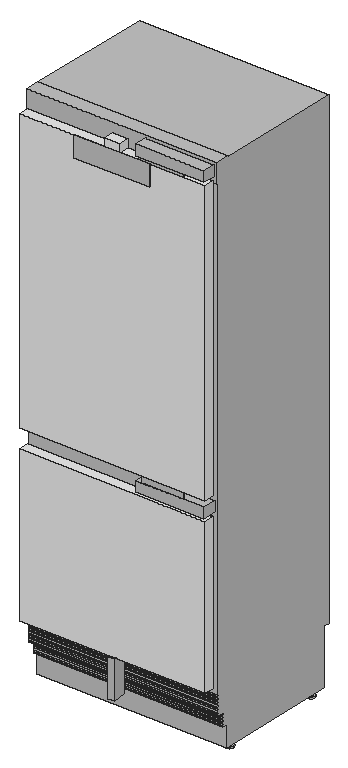
Revit family "FP-Revit18-RS7621WRUK1-FridgeFreezer-0-AS-AU-CN-EU-IE-NZ-SG-UK-90001120A", category Specialty Equipment, Revit 2020
Family settings
  Round Connector Dimension = Use Diameter
  Part Type = Normal
  OmniClass Number = 23.40.40.11.11
  OmniClass Title = Refrigerators and Freezers
  Work Plane-Based = No
  Always vertical = Yes
  Cut with Voids When Loaded = Yes
  Shared = No
  Room Calculation Point = No
Parameters (values of type "RS7621WRUE1")
  Visibility - Visibility Control Note = yes
  Visibility - Clearance Required = yes
  URL = "www.fisherpaykel.com"
  Stainless Steel Door Panels (RD7621WRD) = no
  Product - Width = 756 mm  # constant formula
  Product - Height = 2134 mm  # constant formula
  Product - Depth (exl front panel) = 610 mm  # constant formula
  Model = "RS7621WRUE1"
  Material - Handle = Fisher & Paykel - Aluminium, Dark
  Material - Door Structure = Fisher & Paykel - White
  Material - Door Front = Fisher & Paykel - Stainless Steel
  Material - Body = Fisher & Paykel - Grey
  Manufacturer = "Fisher & Paykel Appliances"
  Handle Style - Contemporary Square Fine Black (AHD5RD7621WB) = no
  Handle Style - Contemporary Square Fine (AHD5RD7621W) = no
  Handle Style - Contemporary Square (AHD3RD7621W) = no
  Handle Style - Contemporary Round (AHSRD7621W) = no
  Description = "76cm Integrated Column Freezer with internal Ice & Water"
  Default Elevation = 0 mm
  Connector Description - Water = "1/2 BSP Stainless steel braided hose"
  Connector Description - Electrical = "230 V, 10 amp fused electrical supply"
  Cavity - Width = 762 mm  # constant formula
  Cavity - Height = 2134 mm  # constant formula
  Cavity - Depth = 650 mm  # constant formula
Reference planes
  plane 1 "Datum": y = 0
  plane 2: z = 0
  plane 3 "Center (Left/Right)": x = 0
  plane 4 "Product LHS": x = -378
  plane 5 "Product RHS": x = 378
  plane 6 "Product - Depth": y = 610
  plane 7 "Cavity LHS": x = -381
  plane 8 "Cavity RHS": x = 381
  plane 9 "Cavity - Depth": y = 628
  plane 10 "Handle Offset": x = -315
  plane 11 "Product Height": z = 2134
  plane 12 "Cavity Height": z = 2134
  plane 13 "Door Panel Datum": y = -4.1
Forms (mm)
  Extrusion 1, solid, material "Fisher & Paykel - Grey" <- "Material - Body", detail levels fine
    sketch origin (0, 0, 0) x (0, 1, 0) y (0, 0, 1)
      loop
        line (100.1, 19.1) -> (587.9, 19.1) -> (587.9, 239.7) -> (610, 239.7) -> (610, 2132.3) -> (105.1, 2132.3) -> (105.1, 2134) -> (49.9, 2134) -> (49.9, 2059) -> (56, 2059) -> (56, 228.6) -> (59.5, 228.6) -> (59.5, 219.7) -> (56.5, 219.7) -> (56.5, 215.9) -> (59.5, 215.9) -> (59.5, 207) -> (56.5, 207) -> (56.5, 203.2) -> (59.5, 203.2) -> (59.5, 194.3) -> (56.5, 194.3) -> (56.5, 190.5) -> (59.5, 190.5) -> (59.5, 181.6) -> (56.5, 181.6) -> (56.5, 177.8) -> (59.5, 177.8) -> (59.5, 168.9) -> (56.5, 168.9) -> (56.5, 165.1) -> (59.5, 165.1) -> (59.5, 156.2) -> (56.5, 156.2) -> (56.5, 152.4) -> (84.1, 152.4) -> (84.1, 143.5) -> (81.1, 143.5) -> (81.1, 139.7) -> (84.1, 139.7) -> (84.1, 130.8) -> (81.1, 130.8) -> (81.1, 127) -> (84.1, 127) -> (84.1, 118.1) -> (81.1, 118.1) -> (81.1, 114.3) -> (84.1, 114.3) -> (84.1, 105.4) -> (81.1, 105.4) -> (81.1, 101.6) -> (100.1, 101.6) -> (100.1, 19.1)
    from -378 to 378
  Extrusion 2, solid, material "Fisher & Paykel - Grey" <- "Material - Body"
    sketch origin (0, 0, 0) x (1, 0, 0) y (0, 1, 0)
      loop
        circle (-357.5, 547.8) r 4.1
      loop
        circle (-357.5, 141.8) r 4.1
      loop
        circle (357.5, 547.8) r 4.1
      loop
        circle (357.5, 141.8) r 4.1
    from 3 to 19.1
  Extrusion 3, solid, material "Fisher & Paykel - Grey" <- "Material - Body"
    sketch origin (0, 0, 0) x (1, 0, 0) y (0, 1, 0)
      loop
        circle (-357.5, 547.8) r 14.5
      loop
        circle (-357.5, 141.8) r 14.555
      loop
        circle (357.5, 547.8) r 14.5
      loop
        circle (357.5, 141.8) r 14.555
    from 0 to 3
  Extrusion 4, solid, material "Fisher & Paykel - Grey" <- "Material - Body", detail levels fine
    sketch origin (0, 0, 0) x (1, 0, 0) y (0, 1, 0)
      loop
        line (-7.5, 49) -> (-13.797, -4.1) -> (13.797, -4.1) -> (7.5, 49) -> (-7.5, 49)
    from 104.2 to 253.8
  Extrusion 5, solid, material "Fisher & Paykel - Grey" <- "Material - Body", detail levels fine
    sketch origin (0, 0, 0) x (0, 1, 0) y (0, 0, 1)
      loop
        line (0, 2070.6) -> (0, 1988.6) -> (2, 1988.6) -> (2, 2068.6) -> (4, 2068.6) -> (4, 2070.6) -> (0, 2070.6)
    from -150 to 150
  Extrusion 6, solid, material "Fisher & Paykel - Grey" <- "Material - Body"
    sketch origin (0, 0, 0) x (1, 0, 0) y (0, 0, 1)
      loop
        circle (303, 119.813) r 5
      loop
        circle (-303, 119.813) r 5
    from -590 to -587.9
  Extrusion 7, solid, material "Fisher & Paykel - White" <- "Material - Door Structure"
    sketch origin (0, 0, 0) x (1, 0, 0) y (0, 1, 0)
      loop
        line (-353, 56) -> (-353, 42) -> (353, 42) -> (353, 56) -> (-353, 56)
    from 951.3 to 2030.7
  Extrusion 8, solid, material "Fisher & Paykel - White" <- "Material - Door Structure"
    sketch origin (0, 0, 0) x (1, 0, 0) y (0, 1, 0)
      loop
        line (-369.4, 42) -> (-369.4, 3) -> (369.4, 3) -> (369.4, 42) -> (-369.4, 42)
    from 943.8 to 2068.6
  Extrusion 9, solid, material "Fisher & Paykel - White" <- "Material - Door Structure", detail levels fine
    sketch origin (0, 0, 0) x (1, 0, 0) y (0, 0, 1)
      loop
        line (-29.5, 2100.1) -> (-29.5, 2068.6) -> (29.5, 2068.6) -> (29.5, 2100.1) -> (-29.5, 2100.1)
    from -42 to -3
  Extrusion 10, solid, material "Fisher & Paykel - Stainless Steel" <- "Material - Door Front", visible <- "Stainless Steel Door Panels (RD7621WRD)"
    sketch origin (0, 0, 0) x (0, 1, 0) y (0, 0, 1)
      loop
        line (-22.1, 2130.8) -> (-22.1, 876.3) -> (-4.1, 876.3) -> (-4.1, 2130.8) -> (-22.1, 2130.8)
      loop
        line (-22.1, 102) -> (-4.1, 102) -> (-4.1, 873.1) -> (-22.1, 873.1) -> (-22.1, 102)
    from -378 to 378
  Extrusion 11, solid, material "Fisher & Paykel - Grey" <- "Material - Body", detail levels coarse+medium
    sketch origin (0, 0, 0) x (0, 1, 0) y (0, 0, 1)
      loop
        line (49.9, 2134) -> (49.9, 2059) -> (56, 2059) -> (56, 152.4) -> (81.1, 152.4) -> (81.1, 101.6) -> (100.1, 101.6) -> (100.1, 19.1) -> (587.9, 19.1) -> (587.9, 239.7) -> (610, 239.7) -> (610, 2134) -> (49.9, 2134)
    from -378 to 378
  Extrusion 12, solid, material "Fisher & Paykel - Grey" <- "Material - Body", detail levels fine
    sketch origin (0, 0, -4) x (0, 1, 0) y (0, 0, 1)
      loop
        arc (163.888, 23.1) -> (180.4, 13.63) -> (196.912, 23.1) r 19.13
        line (196.912, 23.1) -> (163.888, 23.1)
      loop
        arc (493.888, 23.1) -> (510.4, 13.63) -> (526.912, 23.1) r 19.13
        line (526.912, 23.1) -> (493.888, 23.1)
    from 191 to 219
  Extrusion 13, solid, material "Fisher & Paykel - Grey" <- "Material - Body", detail levels fine
    sketch origin (0, 0, -4) x (0, 1, 0) y (0, 0, -1)
      loop
        line (163.888, -23.1) -> (196.912, -23.1)
        arc (196.912, -23.1) -> (180.4, -13.63) -> (163.888, -23.1) r 19.13
      loop
        line (493.888, -23.1) -> (526.912, -23.1)
        arc (526.912, -23.1) -> (510.4, -13.63) -> (493.888, -23.1) r 19.13
    from 191 to 219
  Extrusion 14, solid, material "Fisher & Paykel - Clearance Required", visible <- "Visibility - Clearance Required", detail levels coarse
    sketch origin (0, 0, 0) x (1, 0, 0) y (0, 1, 0)
      loop
        line (-381, 628) -> (-381, -4.1) -> (381, -4.1) -> (381, 628) -> (-381, 628)
    from 0 to 2134
  Extrusion 15, void
    sketch origin (0, 0, 0) x (1, 0, 0) y (0, 1, 0)
      loop
        line (-381, 628) -> (-381, -22.1) -> (381, -22.1) -> (381, 628) -> (-381, 628)
    from 0 to 2134
  Extrusion 16, solid, material "Fisher & Paykel - Grey" <- "Material - Body", detail levels fine
    sketch origin (0, 0, 0) x (1, 0, 0) y (0, 0, 1)
      loop
        line (118.4, 943.8) -> (118.4, 919.35) -> (282.9, 919.35) -> (282.9, 943.8) -> (118.4, 943.8)
      loop
        line (106, 2081.05) -> (106, 2068.6) -> (282.9, 2068.6) -> (282.9, 2076.05) -> (242.9, 2081.05) -> (106, 2081.05)
    from -7 to -4
  Extrusion 17, solid, material "Fisher & Paykel - White" <- "Material - Door Structure"
    sketch origin (0, 0, 0) x (1, 0, 0) y (0, 1, 0)
      loop
        line (-369.4, 42) -> (-369.4, 3) -> (369.4, 3) -> (369.4, 42) -> (-369.4, 42)
    from 253.8 to 868.15
  Extrusion 18, solid, material "Fisher & Paykel - White" <- "Material - Door Structure"
    sketch origin (0, 0, 0) x (1, 0, 0) y (0, 1, 0)
      loop
        line (-353, 56) -> (-353, 42) -> (353, 42) -> (353, 56) -> (-353, 56)
    from 269.2 to 858.13
  Extrusion 19, solid, material "Fisher & Paykel - Clearance Required", visible <- "Visibility - Clearance Required", detail levels coarse
    sketch origin (0, 0, 0) x (0, 1, 0) y (0, 0, 1)
      loop
        line (-422.1, 873.1) -> (-422.1, 818.896) -> (-482.1, 818.896) -> (-482.1, 781.896) -> (-422.1, 781.896) -> (-422.1, 101.6) -> (-22.1, 101.6) -> (-22.1, 873.1) -> (-422.1, 873.1)
    from -381 to 381
  Extrusion 20, solid, material "Fisher & Paykel - Clearance Required", visible <- "Visibility - Clearance Required", detail levels coarse
    sketch origin (0, -0.697, 0) x (1, 0, 0) y (0, 1, 0)
      loop
        line (-328.5, -21.303) -> (-377.998, -21.303)
        arc (-377.998, -21.303) -> (-22.041, -691.204) -> (734.607, -745.568) r 783.526
        line (734.607, -745.568) -> (712.602, -698.253) -> (738.875, -686.002)
        arc (738.875, -686.002) -> (747.815, -661.44) -> (723.253, -652.5) r 18.483
        line (723.253, -652.5) -> (697.006, -664.698) -> (415.929, -59.898)
        arc (415.929, -59.898) -> (380.987, -56.309) -> (378.07, -21.303) r 27.504
        line (378.07, -21.303) -> (-328.5, -21.303)
    from 876.3 to 2134
  Extrusion 21, solid, material "Fisher & Paykel - Grey" <- "Material - Body", detail levels fine
    sketch origin (0, 0, 0) x (1, 0, 0) y (0, 0, 1)
      loop
        line (366.4, 2123.15) -> (95.42, 2123.15) -> (95.42, 2081.05) -> (366.4, 2081.05) -> (366.4, 2123.15)
    from -49 to -2.5
  Extrusion 22, solid, material "Fisher & Paykel - Grey" <- "Material - Body", detail levels fine
    sketch origin (0, 0, 0) x (1, 0, 0) y (0, 0, 1)
      loop
        line (366.4, 877.25) -> (366.4, 919.35) -> (95.42, 919.35) -> (95.42, 877.25) -> (366.4, 877.25)
    from -56 to -2.5
Lines and regions (mm)
  model lines, style "Fisher & Paykel"
    curve 1: line (-378, -4.1, 2130.8) -> (378, -4.1, 2130.8)
    curve 2: line (-378, -4.1, 876.3) -> (-378, -4.1, 2130.8)
    curve 3: line (378, -4.1, 876.3) -> (-378, -4.1, 876.3)
    curve 4: line (378, -4.1, 2130.8) -> (378, -4.1, 876.3)
    curve 5: line (378, -4.1, 873.1) -> (-378, -4.1, 873.1)
    curve 6: line (378, -4.1, 102) -> (378, -4.1, 873.1)
    curve 7: line (-378, -4.1, 102) -> (378, -4.1, 102)
    curve 8: line (-378, -4.1, 873.1) -> (-378, -4.1, 102)
Text (mm)
  text "Due to ongoing product development, product details are subject to change without notice. \nPlease always refer to www.fisherpaykel.com for the most current product information. \n© Fisher & Paykel 2020" at (41.04, -878.295, 0), in view "Ref. Level (Plan)"
Dimensions and locks
  equal spacing: plane 4 "Product LHS", plane 3 "Center (Left/Right)", plane 5 "Product RHS"
  "Product - Width": plane 4 "Product LHS" to plane 5 "Product RHS"
  "Product - Depth (exl front panel)": plane 1 "Datum" to plane 6 "Product - Depth"
  equal spacing: plane 7 "Cavity LHS", plane 3 "Center (Left/Right)", plane 8 "Cavity RHS"
  "Cavity - Width": plane 7 "Cavity LHS" to plane 8 "Cavity RHS"
  plane 4 "Product LHS" to Extrusion 2 sketch curve = 24.6 mm
  plane 4 "Product LHS" to plane 10 "Handle Offset" = 63 mm
  Extrusion 6 sketch curve to Extrusion 1 = 119.887 mm  (x2)
  Extrusion 6 sketch curve to plane 5 "Product RHS" = 75 mm
  plane 4 "Product LHS" to Extrusion 6 sketch curve = 75 mm
  Extrusion 1 sketch curve to Extrusion 1 sketch curve = 82.5 mm
  Extrusion 1 sketch curve to Extrusion 1 sketch curve = 209.5 mm
  Extrusion 1 sketch curve to Extrusion 1 sketch curve = 220.6 mm
  Extrusion 3 to level = 3 mm
  Extrusion 11 to Extrusion 8 = 924.7 mm
  Extrusion 11 to Extrusion 7 = 932.2 mm
  Extrusion 11 to Extrusion 11 = 2114.9 mm
  Extrusion 11 to Extrusion 10 = 82.9 mm
  "Product - Height": level to plane 11 "Product Height"
  plane 11 "Product Height" to Extrusion 10 = 3.2 mm
  Extrusion 8 to plane 11 "Product Height" = 65.4 mm
  Extrusion 7 to plane 11 "Product Height" = 103.3 mm
  Extrusion 11 sketch curve to plane 11 "Product Height" = 75 mm
  Extrusion 1 sketch curve to plane 11 "Product Height" = 1.7 mm
  Extrusion 1 sketch curve to plane 11 "Product Height" = 75 mm
  "Cavity - Height": plane 12 "Cavity Height" to level
  plane 1 "Datum" to Extrusion 14 = 628 mm
  plane 1 "Datum" to Extrusion 15 = 628 mm
  Extrusion 16 sketch curve to Extrusion 16 sketch curve = 40 mm
  Extrusion 16 sketch curve to plane 3 "Center (Left/Right)" = 106 mm
  Extrusion 16 sketch curve to Extrusion 16 sketch curve = 176.9 mm
  Extrusion 16 sketch curve to plane 3 "Center (Left/Right)" = 118.4 mm
  plane 3 "Center (Left/Right)" to Extrusion 16 sketch curve = 282.9 mm
  Extrusion 15 to level = 2134 mm
  "Cavity - Depth": Extrusion 15 to Extrusion 20
  Extrusion 20 to plane 1 "Datum" = 22 mm
  radius of Extrusion 6 sketch curve = 5 mm
  aligned and locked: level to plane 2
  aligned and locked: Extrusion 10 to plane 5 "Product RHS"
  aligned and locked: plane 4 "Product LHS" to Extrusion 10
  aligned and locked: Extrusion 11 to plane 5 "Product RHS"
  aligned and locked: Extrusion 11 to plane 4 "Product LHS"
  aligned and locked: Extrusion 11 sketch curve to plane 11 "Product Height"
  aligned and locked: plane 11 "Product Height" to Extrusion 1 sketch curve
  aligned and locked: Extrusion 12 sketch curve to Extrusion 12 sketch curve
  aligned and locked: Extrusion 13 sketch curve to Extrusion 13 sketch curve
  aligned and locked: Extrusion 1 to plane 5 "Product RHS"
  aligned and locked: plane 4 "Product LHS" to Extrusion 1
  aligned and locked: nested 2 to plane 10 "Handle Offset"
  aligned and locked: nested 3 to plane 10 "Handle Offset"
  aligned and locked: nested 4 to plane 10 "Handle Offset"
  aligned and locked: nested 5 to plane 10 "Handle Offset"
Automatic sketch dimensions
  Extrusion 1 sketch curve to plane 6 "Product - Depth" = 0 mm
  Extrusion 1 sketch curve to Extrusion 1 sketch curve = 22.1 mm
  Extrusion 1 sketch curve to plane 1 "Datum" = 105.1 mm
  level to Extrusion 1 sketch curve = 19.1 mm
  Extrusion 1 sketch curve to plane 1 "Datum" = 100.1 mm
  Extrusion 1 sketch curve to Extrusion 1 sketch curve = 16 mm
  Extrusion 1 sketch curve to Extrusion 1 sketch curve = 0 mm  (x8)
  Extrusion 1 sketch curve to Extrusion 1 sketch curve = 3 mm  (x10)
  Extrusion 1 sketch curve to plane 1 "Datum" = 59.5 mm
  Extrusion 1 sketch curve to plane 1 "Datum" = 56 mm
  Extrusion 1 sketch curve to plane 1 "Datum" = 49.9 mm
  Extrusion 1 sketch curve to Extrusion 1 sketch curve = 3.8 mm  (x10)
  Extrusion 1 sketch curve to Extrusion 1 sketch curve = 8.9 mm  (x9)
  Extrusion 2 sketch curve to plane 4 "Product LHS" = 20.5 mm  (x2)
  plane 5 "Product RHS" to Extrusion 2 sketch curve = 20.5 mm  (x2)
  Extrusion 2 sketch curve to plane 1 "Datum" = 141.8 mm  (x2)
  Extrusion 2 sketch curve to plane 6 "Product - Depth" = 62.2 mm  (x2)
  Extrusion 3 sketch curve to plane 4 "Product LHS" = 20.5 mm  (x2)
  plane 5 "Product RHS" to Extrusion 3 sketch curve = 20.5 mm  (x2)
  Extrusion 3 sketch curve to plane 1 "Datum" = 141.8 mm  (x2)
  Extrusion 3 sketch curve to plane 6 "Product - Depth" = 62.2 mm  (x2)
  plane 1 "Datum" to Extrusion 4 sketch curve = 4.1 mm
  Extrusion 4 sketch curve to plane 3 "Center (Left/Right)" = 13.797 mm
  Extrusion 4 sketch curve to plane 3 "Center (Left/Right)" = 7.5 mm
  plane 3 "Center (Left/Right)" to Extrusion 4 sketch curve = 7.5 mm
  plane 3 "Center (Left/Right)" to Extrusion 4 sketch curve = 13.797 mm
  Extrusion 4 sketch curve to plane 1 "Datum" = 49 mm
  Extrusion 5 sketch curve to plane 1 "Datum" = 0 mm
  Extrusion 5 sketch curve to plane 1 "Datum" = 2 mm
  Extrusion 5 sketch curve to Extrusion 5 sketch curve = 2 mm  (x2)
  plane 11 "Product Height" to Extrusion 5 sketch curve = 145.4 mm
  plane 11 "Product Height" to Extrusion 5 sketch curve = 65.4 mm
  Extrusion 7 sketch curve to plane 4 "Product LHS" = 25 mm
  plane 5 "Product RHS" to Extrusion 7 sketch curve = 25 mm
  Extrusion 7 sketch curve to plane 1 "Datum" = 42 mm
  Extrusion 7 sketch curve to Extrusion 7 sketch curve = 14 mm
  Extrusion 8 sketch curve to plane 1 "Datum" = 3 mm
  Extrusion 8 sketch curve to plane 4 "Product LHS" = 8.6 mm
  plane 5 "Product RHS" to Extrusion 8 sketch curve = 8.6 mm
  Extrusion 8 sketch curve to Extrusion 8 sketch curve = 39 mm
  Extrusion 9 sketch curve to plane 3 "Center (Left/Right)" = 29.5 mm
  plane 3 "Center (Left/Right)" to Extrusion 9 sketch curve = 29.5 mm
  plane 11 "Product Height" to Extrusion 9 sketch curve = 65.4 mm
  Extrusion 9 sketch curve to Extrusion 9 sketch curve = 31.5 mm
  Extrusion 11 sketch curve to plane 6 "Product - Depth" = 0 mm
  Extrusion 11 sketch curve to plane 6 "Product - Depth" = 22.1 mm
  Extrusion 11 sketch curve to plane 1 "Datum" = 100.1 mm
  Extrusion 11 sketch curve to Extrusion 11 sketch curve = 19 mm
  Extrusion 11 sketch curve to plane 1 "Datum" = 56 mm
  Extrusion 11 sketch curve to plane 1 "Datum" = 49.9 mm
  level to Extrusion 11 sketch curve = 239.7 mm
  level to Extrusion 11 sketch curve = 152.4 mm
  Extrusion 11 sketch curve to Extrusion 11 sketch curve = 50.8 mm
  level to Extrusion 11 sketch curve = 19.1 mm
  level to Extrusion 12 sketch curve = 19.1 mm
  Extrusion 12 sketch curve to plane 1 "Datum" = 163.888 mm
  Extrusion 12 sketch curve to Extrusion 12 sketch curve = 16.512 mm  (x2)
  Extrusion 12 sketch curve to plane 6 "Product - Depth" = 116.112 mm
  Extrusion 12 sketch curve to Extrusion 12 sketch curve = 9.66 mm  (x2)
  level to Extrusion 13 sketch curve = 19.1 mm
  Extrusion 13 sketch curve to plane 1 "Datum" = 163.888 mm
  Extrusion 13 sketch curve to Extrusion 13 sketch curve = 16.512 mm  (x2)
  Extrusion 13 sketch curve to plane 6 "Product - Depth" = 116.112 mm
  Extrusion 13 sketch curve to Extrusion 13 sketch curve = 9.66 mm  (x2)
  Extrusion 14 sketch curve to plane 7 "Cavity LHS" = 0 mm
  Extrusion 14 sketch curve to plane 8 "Cavity RHS" = 0 mm
  Extrusion 14 sketch curve to plane 9 "Cavity - Depth" = 0 mm
  plane 1 "Datum" to Extrusion 14 sketch curve = 4.1 mm
  Extrusion 15 sketch curve to plane 7 "Cavity LHS" = 0 mm
  Extrusion 15 sketch curve to plane 8 "Cavity RHS" = 0 mm
  plane 9 "Cavity - Depth" to Extrusion 15 sketch curve = 0 mm
  plane 1 "Datum" to Extrusion 15 sketch curve = 22.1 mm
  level to Extrusion 16 sketch curve = 919.35 mm
  Extrusion 16 sketch curve to Extrusion 16 sketch curve = 24.45 mm
  plane 11 "Product Height" to Extrusion 16 sketch curve = 65.4 mm
  Extrusion 16 sketch curve to Extrusion 16 sketch curve = 7.45 mm
  Extrusion 16 sketch curve to Extrusion 16 sketch curve = 5 mm
  Extrusion 17 sketch curve to plane 1 "Datum" = 3 mm
  Extrusion 17 sketch curve to plane 4 "Product LHS" = 8.6 mm
  plane 5 "Product RHS" to Extrusion 17 sketch curve = 8.6 mm
  Extrusion 17 sketch curve to Extrusion 17 sketch curve = 39 mm
  Extrusion 18 sketch curve to plane 4 "Product LHS" = 25 mm
  plane 5 "Product RHS" to Extrusion 18 sketch curve = 25 mm
  Extrusion 18 sketch curve to plane 1 "Datum" = 42 mm
  Extrusion 18 sketch curve to Extrusion 18 sketch curve = 14 mm
  plane 1 "Datum" to Extrusion 19 sketch curve = 482.1 mm
  Extrusion 19 sketch curve to Extrusion 19 sketch curve = 60 mm
  Extrusion 19 sketch curve to Extrusion 19 sketch curve = 0 mm
  plane 1 "Datum" to Extrusion 19 sketch curve = 22.1 mm
  level to Extrusion 19 sketch curve = 101.6 mm
  Extrusion 19 sketch curve to Extrusion 19 sketch curve = 680.296 mm
  Extrusion 19 sketch curve to Extrusion 19 sketch curve = 37 mm
  Extrusion 19 sketch curve to Extrusion 19 sketch curve = 54.204 mm
  Extrusion 20 sketch curve to plane 4 "Product LHS" = 0.002 mm
  plane 10 "Handle Offset" to Extrusion 20 sketch curve = 13.5 mm
  Extrusion 20 sketch curve to plane 5 "Product RHS" = 0.07 mm
  Extrusion 20 sketch curve to plane 8 "Cavity RHS" = 19.621 mm
  Extrusion 20 sketch curve to Extrusion 20 sketch curve = 4.795 mm
  Extrusion 20 sketch curve to Extrusion 20 sketch curve = 10.514 mm
  Extrusion 20 sketch curve to plane 8 "Cavity RHS" = 316.006 mm
  Extrusion 20 sketch curve to Extrusion 20 sketch curve = 15.596 mm
  Extrusion 20 sketch curve to Extrusion 20 sketch curve = 26.247 mm
  Extrusion 20 sketch curve to Extrusion 20 sketch curve = 7.811 mm  (x2)
  Extrusion 20 sketch curve to Extrusion 20 sketch curve = 22.005 mm
  plane 1 "Datum" to Extrusion 20 sketch curve = 746.265 mm
  Extrusion 20 sketch curve to Extrusion 20 sketch curve = 47.315 mm
  Extrusion 20 sketch curve to Extrusion 20 sketch curve = 12.251 mm
  Extrusion 20 sketch curve to Extrusion 20 sketch curve = 16.751 mm
  Extrusion 20 sketch curve to Extrusion 20 sketch curve = 12.198 mm
  Extrusion 20 sketch curve to Extrusion 20 sketch curve = 22.85 mm
  plane 11 "Product Height" to Extrusion 21 sketch curve = 10.85 mm
  plane 3 "Center (Left/Right)" to Extrusion 21 sketch curve = 95.42 mm
  plane 5 "Product RHS" to Extrusion 21 sketch curve = 11.6 mm
  Extrusion 21 sketch curve to Extrusion 21 sketch curve = 42.1 mm
  plane 3 "Center (Left/Right)" to Extrusion 22 sketch curve = 95.42 mm
  plane 5 "Product RHS" to Extrusion 22 sketch curve = 11.6 mm
  level to Extrusion 22 sketch curve = 877.25 mm
  Extrusion 22 sketch curve to Extrusion 22 sketch curve = 42.1 mm
  plane 11 "Product Height" to Extrusion 10 sketch curve = 3.2 mm
  plane 1 "Datum" to Extrusion 10 sketch curve = 22.1 mm
  plane 1 "Datum" to Extrusion 10 sketch curve = 4.1 mm  (x2)
  level to Extrusion 10 sketch curve = 102 mm
  Extrusion 10 sketch curve to Extrusion 10 sketch curve = 774.3 mm
  Extrusion 10 sketch curve to Extrusion 10 sketch curve = 3.2 mm
  Extrusion 10 sketch curve to Extrusion 10 sketch curve = 18 mm
  plane 5 "Product RHS" to curve 5 = 0 mm
  plane 5 "Product RHS" to curve 1 = 0 mm
  plane 4 "Product LHS" to curve 5 = 0 mm
  plane 4 "Product LHS" to curve 2 = 0 mm
  level to curve 6 = 102 mm
  curve 6 to curve 6 = 771.1 mm
  curve 5 to curve 2 = 3.2 mm
  plane 11 "Product Height" to curve 2 = 3.2 mm
  radius of Extrusion 2 sketch curve = 4.1 mm  (x3)
  radius of Extrusion 3 sketch curve = 14.5 mm  (x2)
  radius of Extrusion 3 sketch curve = 14.555 mm  (x2)
  radius of Extrusion 6 sketch curve = 5 mm
Nested families
  nested 1: "Visibility Control Note 18" at (0, 0, 0), visible <- "Visibility - Visibility Control Note", type "Visibility Control Note 18"
  nested 2: "Handle Contemporary Round - Vertical" at (-315, -22.1, 1322.58), visible <- "Handle Style - Contemporary Round (AHSRD7621W)", type "AHSRD7621W - Contemporary round handle (1 of 2) (Vertical) 727mm"
  nested 3: "Handle Contemporary Square - Vertical" at (-315, -22.1, 1322.58), visible <- "Handle Style - Contemporary Square (AHD3RD7621W)", type "AHD3RD7621W - Contemporary square handle (1 of 2) (Vertical) 727mm"
  nested 4: "F&P Handle Kit - Contemporary Square Fine - Vertical" at (-315, -22.1, 1322.58), visible <- "Handle Style - Contemporary Square Fine Black (AHD5RD7621WB)", type "AHD5RD7621WB - Contemporary square fine black handle (1 of 2) (Vertical) 727mm"
  nested 5: "F&P Handle Kit - Contemporary Square Fine - Vertical" at (-315, -22.1, 1322.58), visible <- "Handle Style - Contemporary Square Fine (AHD5RD7621W)", type "AHD5RD7621W - Contemporary square fine handle (1 of 2) (Vertical) 727mm"
  nested 6: "Handle Contemporary Round - Horizontal" at (0, -22.1, 800.364), visible <- "Handle Style - Contemporary Round (AHSRD7621W)", type "AHSRD7621W - Contemporary round handle (2 of 2) (Horizontal) 646mm"
  nested 7: "Handle Contemporary Square - Horizontal" at (0, -22.1, 800.364), visible <- "Handle Style - Contemporary Square (AHD3RD7621W)", type "AHD3RD7621W - Contemporary square handle (2 of 2) (Horizontal) 646mm"
  nested 8: "F&P Handle Kit - Contemporary Square Fine - Horizontal" at (0, -22.1, 800.364), visible <- "Handle Style - Contemporary Square Fine Black (AHD5RD7621WB)", type "AHD5RD7621WB - Contemporary square fine handle black (2 of 2) (Horizontal) 646mm"
  nested 9: "F&P Handle Kit - Contemporary Square Fine - Horizontal" at (0, -22.1, 800.364), visible <- "Handle Style - Contemporary Square Fine (AHD5RD7621W)", type "AHD5RD7621W - Contemporary square fine handle (2 of 2) (Horizontal) 646mm"
Connectors
  electrical at (-303, 590, 119.813), driven by "Connector Description - Electrical"
    settings: on Extrusion 6, index 1, voltage 230 V, apparent load 0 VA, apparent load phase1 0 VA, apparent load phase2 0 VA, apparent load phase3 0 VA, power factor 1, load classification "Other", number of poles 1, system type 30, power factor state 1, is connector primary yes, connector utility no, sub classification motor no, connector description "230 V, 10 amp fused electrical supply"
  piping at (303, 590, 119.813), diameter 12.7, driven by "Connector Description - Water"
    settings: on Extrusion 6, index 2, connector inside diameter 609.6 mm, connector length 0 mm, flow factor 0, pipe flow 0.0 L/s, pressure drop 0.0 Pa, fitting loss kfactor 0, connector angle 0.00°, fixture units 0, engagement length 0 mm, angle of deflection 0.00°, flow configuration 0, flow direction 1, fitting loss method 0, system type 20, joint type 0, gender type 0, connector reference index -1, connector utility 1, adjustable connector no, is connector primary yes, connector description "1/2 BSP Stainless steel braided hose"
Definition of nested family "Handle Contemporary Round - Vertical"
  Parameters (values of type "AHSRD7621W - Contemporary round handle (1 of 2) (Vertical) 727mm")
    URL = "www.fisherpaykel.com"
    Material - Handle = none
    Manufacturer = "Fisher & Paykel Appliances"
    Handle - Length = 727 mm
    Default Elevation = 0 mm
  Types (8, lengths in mm): name | Handle - Length
    AHS-RD21 - Contemporary round handle (Vertical) 852mm | 852
    AHSRD2484W - Contemporary round handle (1 of 2) (Vertical) 727mm | 727
    AHSRD3084W - Contemporary round handle (1 of 2) (Vertical) 727mm | 727
    AHS-RD84 - Contemporary round handle (Vertical) 852mm | 852
    AHSRS3272A - Contemporary round handle (1 of 2) (Vertical) 727mm | 727
    AHSRS80A - Contemporary round handle (1 of 2) (Vertical) 727mm | 727
    AHSRD6121W - Contemporary round handle (1 of 2) (Vertical) 727mm | 727
    AHSRD7621W - Contemporary round handle (1 of 2) (Vertical) 727mm | 727
  Reference planes
    plane 1 "Center (Front/Back)": y = 0
    plane 2: z = 0
    plane 3 "Center (Left/Right)": x = 0
    plane 4 "Top": z = 363.5
    plane 5 "Bottom": z = -363.5
    plane 6 "Top Standoff": z = 243.5
    plane 7 "Bottom Standoff": z = -243.5
  Forms (mm)
    Extrusion 1, solid, material <- "Material - Handle"
      sketch origin (0, 0, 0) x (1, 0, 0) y (0, 1, 0)
        loop
          circle (0, -32.3) r 8.7
      from -243.5 to 243.5
    Extrusion 2, solid, material <- "Material - Handle", detail levels fine
      sketch origin (0, 0, 0) x (1, 0, 0) y (0, 1, 0)
        loop
          line (-8.7, 0) -> (-8.7, -32.3)
          arc (-8.7, -32.3) -> (0, -41) -> (8.7, -32.3) r 8.7
          line (8.7, -32.3) -> (8.7, 0) -> (-8.7, 0)
      from 243.5 to 363.5
    Extrusion 3, solid, material <- "Material - Handle", detail levels fine
      sketch origin (0, 0, 0) x (1, 0, 0) y (0, 1, 0)
        loop
          line (-8.7, 0) -> (-8.7, -32.3)
          arc (-8.7, -32.3) -> (0, -41) -> (8.7, -32.3) r 8.7
          line (8.7, -32.3) -> (8.7, 0) -> (-8.7, 0)
      from -363.5 to -243.5
    Sweep 4, void
      path in 3D
        loop
          line (8.7, 0, -363.5) -> (8.7, -32.3, -363.5)
          arc (8.7, -32.3, -363.5) -> (0, -41, -363.5) -> (-8.7, -32.3, -363.5) r 8.7
          line (-8.7, -32.3, -363.5) -> (-8.7, 0, -363.5)
      profile origin (8.7, -16.15, -363.5) x (-1, 0, 0) y (0, 0, -1)
        loop
          line (0, 0) -> (0, -1) -> (1, 0) -> (0, 0)
    Sweep 5, void
      path in 3D
        loop
          line (-8.7, 0, 363.5) -> (-8.7, -32.3, 363.5)
          arc (-8.7, -32.3, 363.5) -> (0, -41, 363.5) -> (8.7, -32.3, 363.5) r 8.7
          line (8.7, -32.3, 363.5) -> (8.7, 0, 363.5)
      profile origin (8.7, -16.15, 363.5) x (-1, 0, 0) y (0, 0, 1)
        loop
          line (0, 0) -> (0, -1) -> (1, 0) -> (0, 0)
    Extrusion 6, solid, material <- "Material - Handle", detail levels coarse+medium
      sketch origin (0, 0, 0) x (1, 0, 0) y (0, 1, 0)
        loop
          line (-8.7, 0) -> (-8.7, -32.3)
          arc (-8.7, -32.3) -> (0, -41) -> (8.7, -32.3) r 8.7
          line (8.7, -32.3) -> (8.7, 0) -> (-8.7, 0)
      from 243.5 to 363.5
    Extrusion 7, solid, material <- "Material - Handle", detail levels coarse+medium
      sketch origin (0, 0, 0) x (1, 0, 0) y (0, 1, 0)
        loop
          line (-8.7, 0) -> (-8.7, -32.3)
          arc (-8.7, -32.3) -> (0, -41) -> (8.7, -32.3) r 8.7
          line (8.7, -32.3) -> (8.7, 0) -> (-8.7, 0)
      from -363.5 to -243.5
  Cuts and joins
    Sweep 4 cuts Extrusion 3
    Sweep 5 cuts Extrusion 2
  Lines and regions (mm)
    sketch lines
      curve 1: line (8.7, 0, -363.5) -> (8.7, -32.3, -363.5)
      curve 2: arc (-8.7, -32.3, -363.5) -> (0, -41, -363.5) -> (8.7, -32.3, -363.5) r 8.7
      curve 3: line (-8.7, -32.3, -363.5) -> (-8.7, 0, -363.5)
      curve 4: line (8.7, -32.3, 363.5) -> (8.7, 0, 363.5)
      curve 5: arc (8.7, -32.3, 363.5) -> (0, -41, 363.5) -> (-8.7, -32.3, 363.5) r 8.7
      curve 6: line (-8.7, 0, 363.5) -> (-8.7, -32.3, 363.5)
  Dimensions and locks
    equal spacing: plane 4 "Top", level, plane 5 "Bottom"
    "Handle - Length": plane 4 "Top" to plane 5 "Bottom"
    locked: plane 4 "Top" to plane 6 "Top Standoff" at 120
    locked: plane 7 "Bottom Standoff" to plane 5 "Bottom" at 120
    Extrusion 2 sketch curve to Extrusion 2 sketch curve = 17.4 mm
    Extrusion 3 sketch curve to Extrusion 3 sketch curve = 17.4 mm
    Extrusion 6 sketch curve to Extrusion 6 sketch curve = 17.4 mm
    Extrusion 7 sketch curve to Extrusion 7 sketch curve = 17.4 mm
    aligned and locked: level to plane 2
    aligned and locked: plane 4 "Top" to Extrusion 2
    aligned and locked: Extrusion 3 to plane 5 "Bottom"
    aligned and locked: plane 7 "Bottom Standoff" to Extrusion 3
    aligned and locked: Extrusion 1 to plane 7 "Bottom Standoff"
    aligned and locked: plane 6 "Top Standoff" to Extrusion 1
    aligned and locked: Extrusion 2 to Extrusion 1
    aligned and locked: Extrusion 6 to Extrusion 1
    aligned and locked: plane 4 "Top" to Extrusion 6
    aligned and locked: Extrusion 7 to Extrusion 1
    aligned and locked: Extrusion 7 to plane 5 "Bottom"
  Automatic sketch dimensions
    Extrusion 1 sketch curve to plane 3 "Center (Left/Right)" = 0 mm
    plane 1 "Center (Front/Back)" to Extrusion 1 sketch curve = 32.3 mm
    plane 1 "Center (Front/Back)" to Extrusion 2 sketch curve = 0 mm
    Extrusion 2 sketch curve to plane 3 "Center (Left/Right)" = 0 mm
    Extrusion 2 sketch curve to plane 3 "Center (Left/Right)" = 8.7 mm
    plane 1 "Center (Front/Back)" to Extrusion 2 sketch curve = 32.3 mm
    plane 1 "Center (Front/Back)" to Extrusion 3 sketch curve = 0 mm
    Extrusion 3 sketch curve to plane 3 "Center (Left/Right)" = 0 mm
    Extrusion 3 sketch curve to plane 3 "Center (Left/Right)" = 8.7 mm
    plane 1 "Center (Front/Back)" to Extrusion 3 sketch curve = 32.3 mm
    Sweep 4 sketch curve to profile plane = 0 mm  (x2)
    Sweep 4 sketch curve to profile plane = 1 mm  (x2)
    Sweep 5 sketch curve to profile plane = 0 mm  (x2)
    Sweep 5 sketch curve to profile plane = 1 mm  (x2)
    Extrusion 6 sketch curve to plane 3 "Center (Left/Right)" = 0 mm
    Extrusion 6 sketch curve to plane 3 "Center (Left/Right)" = 8.7 mm
    plane 1 "Center (Front/Back)" to Extrusion 6 sketch curve = 32.3 mm
    Extrusion 6 sketch curve to Extrusion 6 sketch curve = 32.3 mm
    Extrusion 7 sketch curve to plane 3 "Center (Left/Right)" = 0 mm
    Extrusion 7 sketch curve to plane 3 "Center (Left/Right)" = 8.7 mm
    plane 1 "Center (Front/Back)" to Extrusion 7 sketch curve = 32.3 mm
    Extrusion 7 sketch curve to Extrusion 7 sketch curve = 32.3 mm
    radius of Extrusion 1 sketch curve = 8.7 mm
Definition of nested family "Handle Contemporary Square - Vertical"
  Parameters (values of type "AHD3RD6121W - Contemporary square handle (1 of 2) (Vertical) 727mm")
    URL = "www.fisherpaykel.com"
    Material - Handle = none
    Manufacturer = "Fisher & Paykel Appliances"
    Handle - Length = 727 mm
    Default Elevation = 0 mm
  Types (9, lengths in mm): name | Handle - Length
    (no name) | 727
    AHD3-RD21 - Contemporary square handle (Vertical) 852mm | 852
    AHD3RD2484W - Contemporary square handle (1 of 2) (Vertical) 727mm | 727
    AHD3RD3084W - Contemporary square handle (1 of 2) (Vertical) 727mm | 727
    AHD3-RD84 - Contemporary square handle (Vertical) 852mm | 852
    AHD3RS3272A - Contemporary square handle (1 of 2) (Vertical) 727mm | 727
    AHD3RS80A - Contemporary square handle (1 of 2) (Vertical) 727mm | 727
    AHD3RD6121W - Contemporary square handle (1 of 2) (Vertical) 727mm | 727
    AHD3RD7621W - Contemporary square handle (1 of 2) (Vertical) 727mm | 727
  Reference planes
    plane 1 "Center (Front/Back)": y = 0
    plane 2: z = 0
    plane 3 "Center (Left/Right)": x = 0
    plane 4 "Top": z = 363.5
    plane 5 "Bottom": z = -363.5
    plane 6 "Top Standoff": z = 243.5
    plane 7 "Bottom Standoff": z = -243.5
  Forms (mm)
    Extrusion 1, solid, material <- "Material - Handle", detail levels fine
      sketch origin (0, 0, 0) x (1, 0, 0) y (0, 1, 0)
        loop
          arc (-7.583, -28.701) -> (-7.89, -29.057) -> (-8, -29.514) r 1
          line (-8, -29.514) -> (-8, -40.5)
          arc (-8, -40.5) -> (-7.561, -41.561) -> (-6.5, -42) r 1.5
          line (-6.5, -42) -> (6.5, -42)
          arc (6.5, -42) -> (7.561, -41.561) -> (8, -40.5) r 1.5
          line (8, -40.5) -> (8, -29.487)
          arc (8, -29.487) -> (7.889, -29.029) -> (7.58, -28.673) r 1
          arc (7.58, -28.673) -> (-0.006, -26.256) -> (-7.583, -28.701) r 13.038
      from -363.5 to 363.5
    Extrusion 2, solid, material <- "Material - Handle", detail levels fine
      sketch origin (0, 0, 0) x (1, 0, 0) y (0, 1, 0)
        loop
          arc (7.058, -28.23) -> (7.466, -28.244) -> (7.674, -27.893) r 0.4
          line (7.674, -27.893) -> (7.674, 0) -> (-7.674, 0) -> (-7.674, -27.86)
          arc (-7.674, -27.86) -> (-7.467, -28.21) -> (-7.06, -28.198) r 0.4
          arc (-7.06, -28.198) -> (0.004, -26.156) -> (7.058, -28.23) r 13.136
      from 243.5 to 363.5
    Extrusion 3, solid, material <- "Material - Handle", detail levels fine
      sketch origin (0, 0, 0) x (1, 0, 0) y (0, 1, 0)
        loop
          arc (7.058, -28.23) -> (7.466, -28.244) -> (7.674, -27.893) r 0.4
          line (7.674, -27.893) -> (7.674, 0) -> (-7.674, 0) -> (-7.674, -27.86)
          arc (-7.674, -27.86) -> (-7.467, -28.21) -> (-7.06, -28.198) r 0.4
          arc (-7.06, -28.198) -> (0.004, -26.156) -> (7.058, -28.23) r 13.136
      from -363.5 to -243.5
    Sweep 4, void
      path in 3D
        loop
          line (-8, -29.514, 363.5) -> (-8, -40.5, 363.5)
          arc (-8, -40.5, 363.5) -> (-7.561, -41.561, 363.5) -> (-6.5, -42, 363.5) r 1.5
          line (-6.5, -42, 363.5) -> (6.5, -42, 363.5)
          arc (6.5, -42, 363.5) -> (7.561, -41.561, 363.5) -> (8, -40.5, 363.5) r 1.5
          line (8, -40.5, 363.5) -> (8, -29.487, 363.5)
      profile origin (8, -34.994, 363.5) x (-1, 0, 0) y (0, 0, 1)
        loop
          line (0, 0) -> (0, -1.3) -> (1.3, 0) -> (0, 0)
    Sweep 5, void
      path in 3D
        loop
          line (8, -29.487, -363.5) -> (8, -40.5, -363.5)
          arc (8, -40.5, -363.5) -> (7.561, -41.561, -363.5) -> (6.5, -42, -363.5) r 1.5
          line (6.5, -42, -363.5) -> (-6.5, -42, -363.5)
          arc (-6.5, -42, -363.5) -> (-7.561, -41.561, -363.5) -> (-8, -40.5, -363.5) r 1.5
          line (-8, -40.5, -363.5) -> (-8, -29.514, -363.5)
      profile origin (8, -34.994, -363.5) x (-1, 0, 0) y (0, 0, -1)
        loop
          line (0, 0) -> (0, -1.3) -> (1.3, 0) -> (0, 0)
    Extrusion 6, void
      sketch origin (0, 0, 0) x (1, 0, 0) y (0, 0, 1)
        loop
          line (-8, -362.2) -> (-8, -363.5) -> (-6.7, -363.5) -> (-8, -362.2)
        loop
          line (8, -362.2) -> (6.7, -363.5) -> (8, -363.5) -> (8, -362.2)
      from 0 to 40
    Extrusion 7, void
      sketch origin (0, 0, 0) x (1, 0, 0) y (0, 0, 1)
        loop
          line (-8, 363.5) -> (-8, 362.2) -> (-6.7, 363.5) -> (-8, 363.5)
        loop
          line (8, 363.5) -> (6.7, 363.5) -> (8, 362.2) -> (8, 363.5)
      from 0 to 40
    Extrusion 8, solid, material <- "Material - Handle", detail levels coarse+medium
      sketch origin (0, 0, 0) x (0, 1, 0) y (0, 0, 1)
        loop
          line (0, 363.5) -> (-42, 363.5) -> (-42, -363.5) -> (0, -363.5) -> (0, -243.5) -> (-26.245, -243.5) -> (-26.245, 243.5) -> (0, 243.5) -> (0, 363.5)
      from -8 to 8
  Cuts and joins
    Sweep 4, Sweep 5, Extrusion 6, Extrusion 7 cuts Extrusion 1
    Extrusion 6 cuts Extrusion 3
    Extrusion 7 cuts Extrusion 2
  Lines and regions (mm)
    sketch lines
      curve 1: line (8, -40.5, 363.5) -> (8, -29.487, 363.5)
      curve 2: arc (8, -40.5, 363.5) -> (7.561, -41.561, 363.5) -> (6.5, -42, 363.5) r 1.5
      curve 3: line (-6.5, -42, 363.5) -> (6.5, -42, 363.5)
      curve 4: arc (-6.5, -42, 363.5) -> (-7.561, -41.561, 363.5) -> (-8, -40.5, 363.5) r 1.5
      curve 5: line (-8, -29.514, 363.5) -> (-8, -40.5, 363.5)
      curve 6: line (8, -29.487, -363.5) -> (8, -40.5, -363.5)
      curve 7: arc (6.5, -42, -363.5) -> (7.561, -41.561, -363.5) -> (8, -40.5, -363.5) r 1.5
      curve 8: line (6.5, -42, -363.5) -> (-6.5, -42, -363.5)
      curve 9: arc (-8, -40.5, -363.5) -> (-7.561, -41.561, -363.5) -> (-6.5, -42, -363.5) r 1.5
      curve 10: line (-8, -40.5, -363.5) -> (-8, -29.514, -363.5)
  Dimensions and locks
    equal spacing: plane 4 "Top", level, plane 5 "Bottom"
    "Handle - Length": plane 4 "Top" to plane 5 "Bottom"
    locked: plane 4 "Top" to plane 6 "Top Standoff" at 120
    locked: plane 7 "Bottom Standoff" to plane 5 "Bottom" at 120
    aligned and locked: level to plane 2
    aligned and locked: plane 4 "Top" to Extrusion 2
    aligned and locked: Extrusion 2 to plane 6 "Top Standoff"
    aligned and locked: plane 4 "Top" to Extrusion 1
    aligned and locked: Extrusion 1 to plane 5 "Bottom"
    aligned and locked: Extrusion 3 to plane 5 "Bottom"
    aligned and locked: plane 7 "Bottom Standoff" to Extrusion 3
    aligned and locked: plane 4 "Top" to Extrusion 8 sketch curve
    aligned and locked: plane 6 "Top Standoff" to Extrusion 8 sketch curve
    aligned and locked: plane 7 "Bottom Standoff" to Extrusion 8 sketch curve
    aligned and locked: plane 5 "Bottom" to Extrusion 8 sketch curve
    aligned and locked: plane 1 "Center (Front/Back)" to Extrusion 8 sketch curve  (x2)
  Automatic sketch dimensions
    Extrusion 1 sketch curve to plane 3 "Center (Left/Right)" = 8 mm
    Extrusion 1 sketch curve to Extrusion 1 sketch curve = 1 mm  (x2)
    Extrusion 1 sketch curve to Extrusion 1 sketch curve = 1.5 mm
    plane 3 "Center (Left/Right)" to Extrusion 1 sketch curve = 0.018 mm
    plane 3 "Center (Left/Right)" to Extrusion 1 sketch curve = 6.5 mm
    plane 3 "Center (Left/Right)" to Extrusion 1 sketch curve = 7 mm
    plane 1 "Center (Front/Back)" to Extrusion 1 sketch curve = 42 mm
    Extrusion 1 sketch curve to Extrusion 1 sketch curve = 1.206 mm
    Extrusion 1 sketch curve to Extrusion 1 sketch curve = 10.986 mm
    Extrusion 1 sketch curve to Extrusion 1 sketch curve = 11.013 mm
    Extrusion 1 sketch curve to Extrusion 1 sketch curve = 0 mm
    plane 1 "Center (Front/Back)" to Extrusion 2 sketch curve = 0 mm
    Extrusion 2 sketch curve to plane 3 "Center (Left/Right)" = 7.674 mm
    Extrusion 2 sketch curve to Extrusion 2 sketch curve = 0.4 mm  (x2)
    Extrusion 2 sketch curve to plane 3 "Center (Left/Right)" = 0.026 mm
    plane 3 "Center (Left/Right)" to Extrusion 2 sketch curve = 7.274 mm
    plane 1 "Center (Front/Back)" to Extrusion 2 sketch curve = 27.86 mm
    Extrusion 2 sketch curve to Extrusion 2 sketch curve = 0.033 mm
    Extrusion 2 sketch curve to Extrusion 2 sketch curve = 11.398 mm
    Extrusion 2 sketch curve to Extrusion 2 sketch curve = 0 mm
    plane 1 "Center (Front/Back)" to Extrusion 3 sketch curve = 0 mm
    Extrusion 3 sketch curve to Extrusion 3 sketch curve = 0.4 mm  (x2)
    Extrusion 3 sketch curve to Extrusion 3 sketch curve = 7.248 mm
    Extrusion 3 sketch curve to Extrusion 3 sketch curve = 7.3 mm
    plane 1 "Center (Front/Back)" to Extrusion 3 sketch curve = 27.86 mm
    Extrusion 3 sketch curve to Extrusion 3 sketch curve = 0.033 mm
    Extrusion 3 sketch curve to Extrusion 3 sketch curve = 11.398 mm
    Extrusion 3 sketch curve to Extrusion 3 sketch curve = 0 mm
    Sweep 4 sketch curve to profile plane = 0 mm  (x2)
    Sweep 4 sketch curve to profile plane = 1.3 mm  (x2)
    Sweep 5 sketch curve to profile plane = 0 mm  (x2)
    Sweep 5 sketch curve to profile plane = 1.3 mm  (x2)
    Extrusion 6 sketch curve to plane 5 "Bottom" = 0 mm  (x2)
    plane 5 "Bottom" to Extrusion 6 sketch curve = 1.3 mm  (x2)
    Extrusion 6 sketch curve to plane 3 "Center (Left/Right)" = 8 mm
    Extrusion 6 sketch curve to Extrusion 6 sketch curve = 1.3 mm  (x2)
    plane 3 "Center (Left/Right)" to Extrusion 6 sketch curve = 8 mm
    Extrusion 7 sketch curve to plane 4 "Top" = 0 mm  (x2)
    Extrusion 7 sketch curve to plane 3 "Center (Left/Right)" = 8 mm
    Extrusion 7 sketch curve to Extrusion 7 sketch curve = 1.3 mm  (x2)
    plane 3 "Center (Left/Right)" to Extrusion 7 sketch curve = 8 mm
    Extrusion 7 sketch curve to plane 4 "Top" = 1.3 mm  (x2)
    plane 1 "Center (Front/Back)" to Extrusion 8 sketch curve = 26.245 mm
    plane 1 "Center (Front/Back)" to Extrusion 8 sketch curve = 42 mm
    Extrusion 3 sketch curve to plane 3 "Center (Left/Right)" = 7.674 mm
Definition of nested family "F&P Handle Kit - Contemporary Square Fine - Vertical"
  Parameters (values of type "AHD5RD90AB - Contemporary square fine black handle (1 of 2) (Vertical) 727mm")
    URL = "www.fisherpaykel.com"
    Material - Handle = none
    Manufacturer = "Fisher & Paykel Appliances"
    Handle - Length = 727 mm
    Default Elevation = 0 mm
  Types (14): name
    AHD5RD2484W - Contemporary square fine handle (1 of 2) (Vertical) 727mm
    AHD5RD2484WB - Contemporary square fine black handle (1 of 2) (Vertical) 727mm
    AHD5RD3084W - Contemporary square fine handle (1 of 2) (Vertical) 727mm
    AHD5RD3084WB - Contemporary square fine black handle (1 of 2) (Vertical) 727mm
    AHD5RD6121W - Contemporary square fine handle (1 of 2) (Vertical) 727mm
    AHD5RD6121WB - Contemporary square fine black handle (1 of 2) (Vertical) 727mm
    AHD5RD7621W - Contemporary square fine handle (1 of 2) (Vertical) 727mm
    AHD5RD7621WB - Contemporary square fine black handle (1 of 2) (Vertical) 727mm
    AHD5RD36A - Contemporary square fine handle (1 of 2) (Vertical) 727mm
    AHD5RD36AB - Contemporary square fine black handle (1 of 2) (Vertical) 727mm
    AHD5RD80A - Contemporary square fine handle (1 of 2) (Vertical) 727mm
    AHD5RD90A - Contemporary square fine handle (1 of 2) (Vertical) 727mm
    AHD5RD80AB - Contemporary square fine black handle (1 of 2) (Vertical) 727mm
    AHD5RD90AB - Contemporary square fine black handle (1 of 2) (Vertical) 727mm
  Reference planes
    plane 1 "Center (Front/Back)": y = 0
    plane 2: z = 0
    plane 3 "Center (Left/Right)": x = 0
    plane 4 "Top": z = 363.5
    plane 5 "Bottom": z = -363.5
    plane 6 "Top Standoff": z = 243.5
    plane 7 "Bottom Standoff": z = -243.5
  Forms (mm)
    Extrusion 1, solid, material <- "Material - Handle", detail levels fine
      sketch origin (0, 0, 0) x (1, 0, 0) y (0, 1, 0)
        loop
          arc (-6.16, -26.813) -> (-6.554, -27.196) -> (-6.686, -27.728) r 1
          line (-6.686, -27.728) -> (-6.256, -40.035)
          arc (-6.256, -40.035) -> (-5.951, -40.719) -> (-5.257, -41) r 1
          line (-5.257, -41) -> (5.257, -41)
          arc (5.257, -41) -> (5.951, -40.719) -> (6.256, -40.035) r 1
          line (6.256, -40.035) -> (6.686, -27.709)
          arc (6.686, -27.709) -> (6.554, -27.175) -> (6.158, -26.792) r 1
          arc (6.158, -26.792) -> (-0.004, -25.256) -> (-6.16, -26.813) r 13.038
      from -363.5 to 363.5
    Extrusion 2, solid, material <- "Material - Handle", detail levels fine
      sketch origin (0, 0, 0) x (1, 0, 0) y (0, 1, 0)
        loop
          arc (6.012, -26.626) -> (6.494, -26.614) -> (6.741, -26.2) r 0.5
          line (6.741, -26.2) -> (7.7, 0) -> (-7.7, 0) -> (-6.742, -26.174)
          arc (-6.742, -26.174) -> (-6.496, -26.587) -> (-6.015, -26.6) r 0.5
          arc (-6.015, -26.6) -> (0.002, -25.156) -> (6.012, -26.626) r 13.136
      from 243.5 to 363.5
    Extrusion 3, solid, material <- "Material - Handle", detail levels coarse+medium
      sketch origin (0, 0, 0) x (0, 1, 0) y (0, 0, 1)
        loop
          line (0, 363.5) -> (-42, 363.5) -> (-42, -363.5) -> (0, -363.5) -> (0, -243.5) -> (-26.245, -243.5) -> (-26.245, 243.5) -> (0, 243.5) -> (0, 363.5)
      from -8 to 8
    Extrusion 4, solid, material <- "Material - Handle", detail levels fine
      sketch origin (0, 0, 0) x (1, 0, 0) y (0, 1, 0)
        loop
          arc (6.012, -26.626) -> (6.494, -26.614) -> (6.741, -26.2) r 0.5
          line (6.741, -26.2) -> (7.7, 0) -> (-7.7, 0) -> (-6.742, -26.174)
          arc (-6.742, -26.174) -> (-6.496, -26.587) -> (-6.015, -26.6) r 0.5
          arc (-6.015, -26.6) -> (0.002, -25.156) -> (6.012, -26.626) r 13.136
      from -363.5 to -243.5
  Dimensions and locks
    equal spacing: plane 4 "Top", level, plane 5 "Bottom"
    "Handle - Length": plane 4 "Top" to plane 5 "Bottom"
    locked: plane 4 "Top" to plane 6 "Top Standoff" at 120
    locked: plane 7 "Bottom Standoff" to plane 5 "Bottom" at 120
    aligned and locked: level to plane 2
    aligned and locked: plane 4 "Top" to Extrusion 2
    aligned and locked: Extrusion 2 to plane 6 "Top Standoff"
    aligned and locked: plane 4 "Top" to Extrusion 1
    aligned and locked: Extrusion 1 to plane 5 "Bottom"
    aligned and locked: plane 4 "Top" to Extrusion 3 sketch curve
    aligned and locked: plane 6 "Top Standoff" to Extrusion 3 sketch curve
    aligned and locked: plane 7 "Bottom Standoff" to Extrusion 3 sketch curve
    aligned and locked: plane 5 "Bottom" to Extrusion 3 sketch curve
    aligned and locked: Extrusion 4 to plane 5 "Bottom"
    aligned and locked: plane 7 "Bottom Standoff" to Extrusion 4
  Automatic sketch dimensions
    Extrusion 1 sketch curve to plane 3 "Center (Left/Right)" = 6.686 mm
    Extrusion 1 sketch curve to plane 3 "Center (Left/Right)" = 6.256 mm
    Extrusion 1 sketch curve to Extrusion 1 sketch curve = 0.999 mm  (x4)
    plane 3 "Center (Left/Right)" to Extrusion 1 sketch curve = 0.018 mm
    plane 3 "Center (Left/Right)" to Extrusion 1 sketch curve = 5.257 mm
    plane 3 "Center (Left/Right)" to Extrusion 1 sketch curve = 5.687 mm
    plane 1 "Center (Front/Back)" to Extrusion 1 sketch curve = 41 mm
    Extrusion 1 sketch curve to Extrusion 1 sketch curve = 0.965 mm  (x2)
    Extrusion 1 sketch curve to Extrusion 1 sketch curve = 1.706 mm
    Extrusion 1 sketch curve to Extrusion 1 sketch curve = 12.307 mm
    Extrusion 1 sketch curve to Extrusion 1 sketch curve = 12.326 mm
    Extrusion 1 sketch curve to Extrusion 1 sketch curve = 0.035 mm  (x2)
    Extrusion 1 sketch curve to Extrusion 1 sketch curve = 0 mm
    plane 1 "Center (Front/Back)" to Extrusion 2 sketch curve = 0 mm
    Extrusion 2 sketch curve to plane 3 "Center (Left/Right)" = 7.7 mm
    Extrusion 2 sketch curve to plane 3 "Center (Left/Right)" = 6.742 mm
    Extrusion 2 sketch curve to Extrusion 2 sketch curve = 0.5 mm  (x2)
    Extrusion 2 sketch curve to plane 3 "Center (Left/Right)" = 0.026 mm
    plane 3 "Center (Left/Right)" to Extrusion 2 sketch curve = 6.242 mm
    plane 3 "Center (Left/Right)" to Extrusion 2 sketch curve = 7.7 mm
    plane 1 "Center (Front/Back)" to Extrusion 2 sketch curve = 26.155 mm
    Extrusion 2 sketch curve to Extrusion 2 sketch curve = 0.018 mm  (x2)
    Extrusion 2 sketch curve to Extrusion 2 sketch curve = 0.026 mm
    Extrusion 2 sketch curve to Extrusion 2 sketch curve = 12.11 mm
    Extrusion 2 sketch curve to Extrusion 2 sketch curve = 0 mm
    plane 1 "Center (Front/Back)" to Extrusion 3 sketch curve = 42 mm
    Extrusion 3 sketch curve to Extrusion 3 sketch curve = 15.755 mm
    Extrusion 3 sketch curve to Extrusion 3 sketch curve = 42 mm  (x2)
    Extrusion 4 sketch curve to plane 3 "Center (Left/Right)" = 7.7 mm
    Extrusion 4 sketch curve to plane 3 "Center (Left/Right)" = 6.742 mm
    Extrusion 4 sketch curve to Extrusion 4 sketch curve = 0.5 mm  (x2)
    Extrusion 4 sketch curve to plane 3 "Center (Left/Right)" = 0.026 mm
    plane 3 "Center (Left/Right)" to Extrusion 4 sketch curve = 6.242 mm
    plane 3 "Center (Left/Right)" to Extrusion 4 sketch curve = 7.7 mm
    plane 1 "Center (Front/Back)" to Extrusion 4 sketch curve = 38.291 mm
    Extrusion 4 sketch curve to Extrusion 4 sketch curve = 12.091 mm
    Extrusion 4 sketch curve to Extrusion 4 sketch curve = 0.018 mm  (x2)
    Extrusion 4 sketch curve to Extrusion 4 sketch curve = 0.452 mm
    Extrusion 4 sketch curve to Extrusion 4 sketch curve = 26.174 mm
    Extrusion 4 sketch curve to Extrusion 4 sketch curve = 0 mm
Definition of nested family "Handle Contemporary Round - Horizontal"
  Parameters (values of type "AHSRD6121W - Contemporary round handle (2 of 2) (Horizontal) 494mm")
    URL = "www.fisherpaykel.com"
    Product - Width = 494 mm
    Material - Handle = none
    Manufacturer = "Fisher & Paykel Appliances"
    Default Elevation = 0 mm
  Types (7, lengths in mm): name | Product - Width
    (no name) | 494
    AHSRD2484W - Contemporary round handle (2 of 2) (Horizontal) 494mm | 494
    AHSRD3084W - Contemporary round handle (2 of 2) (Horizontal) 646mm | 646
    AHSRS3272A - Contemporary round handle (2 of 2) (Horizontal) 646mm | 646
    AHSRS80A - Contemporary round handle (2 of 2) (Horizontal) 646mm | 646
    AHSRD6121W - Contemporary round handle (2 of 2) (Horizontal) 494mm | 494
    AHSRD7621W - Contemporary round handle (2 of 2) (Horizontal) 646mm | 646
  Reference planes
    plane 1 "Center (Front/Back)": y = 0
    plane 2: z = 0
    plane 3 "Center (Left/Right)": x = 0
    plane 4 "Product LHS": x = -247
    plane 5 "Product RHS": x = 247
    plane 6 "LHS Standoff": x = -126.995
    plane 7 "RHS Standoff": x = 127.005
  Forms (mm)
    Extrusion 1, solid, material <- "Material - Handle"
      sketch origin (0, 0, 0) x (0, 1, 0) y (0, 0, 1)
        loop
          circle (-32.3, 0) r 8.7
      from -126.995 to 127.005
    Extrusion 2, solid, material <- "Material - Handle", detail levels fine
      sketch origin (0, 0, 0) x (0, 1, 0) y (0, 0, 1)
        loop
          line (0, 8.7) -> (-32.3, 8.7)
          arc (-32.3, 8.7) -> (-41, 0) -> (-32.3, -8.7) r 8.7
          line (-32.3, -8.7) -> (0, -8.7) -> (0, 8.7)
      from 127.005 to 247
    Extrusion 3, solid, material <- "Material - Handle", detail levels fine
      sketch origin (0, 0, 0) x (0, 1, 0) y (0, 0, -1)
        loop
          line (0, -8.7) -> (0, 8.7) -> (-32.3, 8.7)
          arc (-32.3, 8.7) -> (-41, 0) -> (-32.3, -8.7) r 8.7
          line (-32.3, -8.7) -> (0, -8.7)
      from 126.995 to 247
    Sweep 4, void
      path in 3D
        loop
          line (247, 0, 8.7) -> (247, -32.3, 8.7)
          arc (247, -32.3, 8.7) -> (247, -41, 0) -> (247, -32.3, -8.7) r 8.7
          line (247, -32.3, -8.7) -> (247, 0, -8.7)
      profile origin (247, -16.15, 8.7) x (1, 0, 0) y (0, 0, 1)
        loop
          line (0, 0) -> (-1, 0) -> (0, -1) -> (0, 0)
    Sweep 5, void
      path in 3D
        loop
          line (-247, 0, -8.7) -> (-247, -32.3, -8.7)
          arc (-247, -32.3, -8.7) -> (-247, -41, 0) -> (-247, -32.3, 8.7) r 8.7
          line (-247, -32.3, 8.7) -> (-247, 0, 8.7)
      profile origin (-247, -16.15, 8.7) x (-1, 0, 0) y (0, 0, 1)
        loop
          line (0, 0) -> (-1, 0) -> (0, -1) -> (0, 0)
    Extrusion 6, solid, material <- "Material - Handle", detail levels coarse+medium
      sketch origin (0, 0, 0) x (0, 1, 0) y (0, 0, 1)
        loop
          line (0, 8.7) -> (-32.3, 8.7)
          arc (-32.3, 8.7) -> (-41, 0) -> (-32.3, -8.7) r 8.7
          line (-32.3, -8.7) -> (0, -8.7) -> (0, 8.7)
      from 127.005 to 247
    Extrusion 7, solid, material <- "Material - Handle", detail levels coarse+medium
      sketch origin (0, 0, 0) x (0, 1, 0) y (0, 0, -1)
        loop
          line (0, -8.7) -> (0, 8.7) -> (-32.3, 8.7)
          arc (-32.3, 8.7) -> (-41, 0) -> (-32.3, -8.7) r 8.7
          line (-32.3, -8.7) -> (0, -8.7)
      from 126.995 to 247
  Cuts and joins
    Sweep 4 cuts Extrusion 2
    Sweep 5 cuts Extrusion 3
  Lines and regions (mm)
    sketch lines
      curve 1: line (247, 0, 8.7) -> (247, -32.3, 8.7)
      curve 2: arc (247, -32.3, -8.7) -> (247, -41, 0) -> (247, -32.3, 8.7) r 8.7
      curve 3: line (247, -32.3, -8.7) -> (247, 0, -8.7)
      curve 4: line (-247, -32.3, 8.7) -> (-247, 0, 8.7)
      curve 5: arc (-247, -32.3, 8.7) -> (-247, -41, 0) -> (-247, -32.3, -8.7) r 8.7
      curve 6: line (-247, 0, -8.7) -> (-247, -32.3, -8.7)
  Dimensions and locks
    equal spacing: plane 4 "Product LHS", plane 3 "Center (Left/Right)", plane 5 "Product RHS"
    "Product - Width": plane 4 "Product LHS" to plane 5 "Product RHS"
    locked: plane 4 "Product LHS" to plane 6 "LHS Standoff" at 120.005
    locked: plane 7 "RHS Standoff" to plane 5 "Product RHS" at 119.995
    equal spacing: Extrusion 2 sketch curve, level, Extrusion 2 sketch curve
    Extrusion 3 sketch curve to Extrusion 3 sketch curve = 17.4 mm
    Extrusion 6 sketch curve to Extrusion 6 sketch curve = 17.4 mm
    Extrusion 7 sketch curve to Extrusion 7 sketch curve = 17.4 mm
    aligned and locked: level to plane 2
    aligned and locked: plane 7 "RHS Standoff" to Extrusion 1
    aligned and locked: Extrusion 2 to Extrusion 1
    aligned and locked: Extrusion 2 to plane 5 "Product RHS"
    aligned and locked: plane 4 "Product LHS" to Extrusion 3
    aligned and locked: plane 6 "LHS Standoff" to Extrusion 3
    aligned and locked: Extrusion 1 to plane 6 "LHS Standoff"
    aligned and locked: Extrusion 6 to Extrusion 1
    aligned and locked: Extrusion 6 to plane 5 "Product RHS"
    aligned and locked: plane 4 "Product LHS" to Extrusion 7
    aligned and locked: Extrusion 7 to Extrusion 1
  Automatic sketch dimensions
    Extrusion 1 sketch curve to level = 0 mm
    plane 1 "Center (Front/Back)" to Extrusion 1 sketch curve = 32.3 mm
    Extrusion 2 sketch curve to plane 1 "Center (Front/Back)" = 0 mm
    Extrusion 2 sketch curve to level = 8.7 mm
    plane 1 "Center (Front/Back)" to Extrusion 2 sketch curve = 32.3 mm
    Extrusion 3 sketch curve to level = 0 mm
    Extrusion 3 sketch curve to plane 1 "Center (Front/Back)" = 0 mm
    Extrusion 3 sketch curve to level = 8.7 mm
    plane 1 "Center (Front/Back)" to Extrusion 3 sketch curve = 32.3 mm
    Sweep 4 sketch curve to profile plane = 0 mm
    profile plane to Sweep 4 sketch curve = 0 mm
    profile plane to Sweep 4 sketch curve = 1 mm
    Sweep 4 sketch curve to profile plane = 1 mm
    Sweep 5 sketch curve to profile plane = 0 mm  (x2)
    profile plane to Sweep 5 sketch curve = 1 mm
    Sweep 5 sketch curve to profile plane = 1 mm
    Extrusion 6 sketch curve to level = 0 mm
    level to Extrusion 6 sketch curve = 8.7 mm
    plane 1 "Center (Front/Back)" to Extrusion 6 sketch curve = 32.3 mm
    Extrusion 6 sketch curve to Extrusion 6 sketch curve = 32.3 mm
    Extrusion 7 sketch curve to level = 0 mm
    level to Extrusion 7 sketch curve = 8.7 mm
    plane 1 "Center (Front/Back)" to Extrusion 7 sketch curve = 32.3 mm
    Extrusion 7 sketch curve to Extrusion 7 sketch curve = 32.3 mm
    radius of Extrusion 1 sketch curve = 8.7 mm
